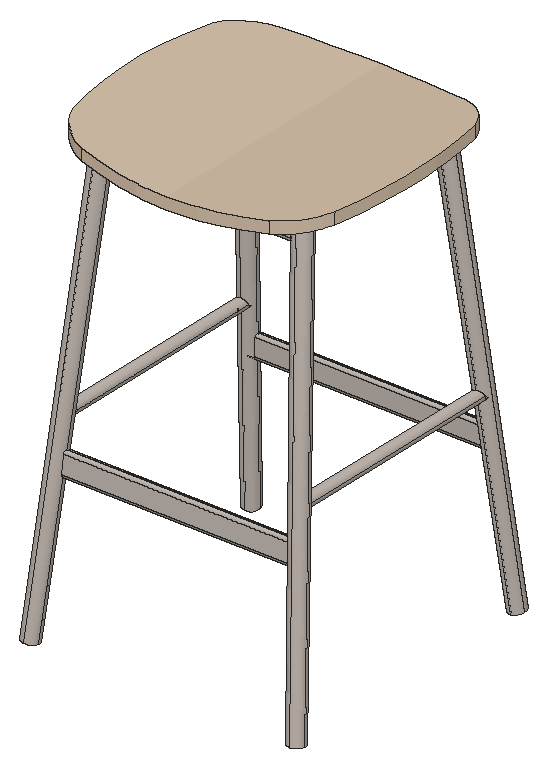
Revit family "FU_Stool_Sandler_Viki 4-15", category Furniture, Revit 2022
Family settings
  OmniClass Number = 23.40.20.00
  OmniClass Title = General Furniture and Specialties
  Work Plane-Based = No
  Always vertical = Yes
  Cut with Voids When Loaded = No
  Render Appearance Source = Family Geometry
  Shared = No
  Room Calculation Point = No
Parameters (values of type "Viki 4.15")
  Width = 490 mm
  URL = "https://www.sandlerseating.com/product/viki-4-15/"
  Seat [instance] = Wood - Stain - Natural Oak
  Model = "Viki 4.15"
  Manufacturer = "Sandler"
  Height = 770 mm
  Frame [instance] = Wood - Lacquer - Beige NCS 3005-Y50R
  Description = "Counter stool with wooden seat on a solid beech frame with stretchers. Produced to custom height per customer specification, from 23.5”-29” seat height"
  Depth = 500 mm
  Default Elevation = 0 mm
Reference planes
  plane 1 "Center (Front/Back)": y = 0
  plane 2: z = 0
  plane 3 "Center (Left/Right)": x = 0
  plane 4 "Right": x = -245
  plane 5 "Left": x = 245
  plane 6 "Back": y = 250
  plane 7 "Front": y = -250
  plane 8 "Height": z = 770
  plane 9 "Seat height": z = 750
  plane 10 "Front Legs RIGHT": through (4267.2, -234.41, 5) normal (0, -0.9937, 0.1121)
  plane 11 "Back Legs RIGHT": through (4267.2, 234.377, 5.537) normal (0, -0.9937, -0.1121)
  plane 12 "Cross Stretch RIGHT": z = 339.982
  plane 13 "Top Stretch RIGHT": z = 717.341
  plane 14 "Front Stretch RIGHT": z = 269.66
  plane 15 "Right Leg RIGHT": through (-226.609, -1524, 3.167) normal (-0.9972, 0, 0.0742)
Forms (mm)
  SweptBlend 1, solid, material "Wood - Lacquer - Beige NCS 3005-Y50R" <- "Frame"
    path origin (0, -232.021, 26.176) x (0, -0.112106, -0.993696) y (1, 0, 0)
      loop
        line (26.325, -226.713) -> (-721.583, -170.738)
    profile "Pro_Circles : 28mm" origin (-226.713, -234.972, 0.017) x (-0.997211, 0.008367, 0.074163) y (0, -0.993696, 0.112106)
      loop
        arc (-13.967, 0.067) -> (-9.943, -9.849) -> (-0.067, -13.967) r 13.901
        arc (-0.067, -13.967) -> (9.896, -9.896) -> (13.967, 0.067) r 13.901
        arc (13.967, 0.067) -> (9.849, 9.943) -> (-0.067, 13.967) r 13.9
        arc (-0.067, 13.967) -> (-9.895, 9.895) -> (-13.967, 0.067) r 13.9
    end profile "Pro_Circles : 32mm" origin (-170.738, -151.127, 743.211) x (-0.997211, 0.008367, 0.074163) y (0, -0.993696, 0.112106)
      loop
        arc (-15.967, 0.067) -> (-11.357, -11.263) -> (-0.067, -15.967) r 15.901
        arc (-0.067, -15.967) -> (11.311, -11.31) -> (15.967, 0.067) r 15.901
        arc (15.967, 0.067) -> (11.263, 11.357) -> (-0.067, 15.967) r 15.9
        arc (-0.067, 15.967) -> (-11.31, 11.31) -> (-15.967, 0.067) r 15.9
  SweptBlend 2, solid, material "Wood - Lacquer - Beige NCS 3005-Y50R" <- "Frame"
    path origin (0, -232.021, 26.176) x (0, -0.112106, -0.993696) y (-1, 0, 0)
      loop
        line (26.325, -226.713) -> (-721.583, -170.738)
    profile "Pro_Circles : 28mm" origin (226.713, -234.972, 0.017) x (-0.997211, -0.008367, -0.074163) y (0, -0.993696, 0.112106)
      loop
        arc (13.967, 0.067) -> (9.895, 9.895) -> (0.067, 13.967) r 13.9
        arc (0.067, 13.967) -> (-9.849, 9.943) -> (-13.967, 0.067) r 13.9
        arc (-13.967, 0.067) -> (-9.896, -9.896) -> (0.067, -13.967) r 13.901
        arc (0.067, -13.967) -> (9.943, -9.849) -> (13.967, 0.067) r 13.901
    end profile "Pro_Circles : 32mm" origin (170.738, -151.127, 743.211) x (-0.997211, -0.008367, -0.074163) y (0, -0.993696, 0.112106)
      loop
        arc (15.967, 0.067) -> (11.31, 11.31) -> (0.067, 15.967) r 15.9
        arc (0.067, 15.967) -> (-11.263, 11.357) -> (-15.967, 0.067) r 15.9
        arc (-15.967, 0.067) -> (-11.311, -11.31) -> (0.067, -15.967) r 15.901
        arc (0.067, -15.967) -> (11.357, -11.263) -> (15.967, 0.067) r 15.901
  SweptBlend 3, solid, material "Wood - Lacquer - Beige NCS 3005-Y50R" <- "Frame"
    path origin (0, 232.021, 26.176) x (0, 0.112106, -0.993696) y (-1, 0, 0)
      loop
        line (26.325, 226.713) -> (-721.583, 170.738)
    profile "Pro_Circles : 28mm" origin (-226.713, 234.972, 0.017) x (0.997211, 0.008367, -0.074163) y (0, 0.993696, 0.112106)
      loop
        arc (13.967, 0.067) -> (9.895, 9.895) -> (0.067, 13.967) r 13.9
        arc (0.067, 13.967) -> (-9.849, 9.943) -> (-13.967, 0.067) r 13.9
        arc (-13.967, 0.067) -> (-9.896, -9.896) -> (0.067, -13.967) r 13.901
        arc (0.067, -13.967) -> (9.943, -9.849) -> (13.967, 0.067) r 13.901
    end profile "Pro_Circles : 32mm" origin (-170.738, 151.127, 743.211) x (0.997211, 0.008367, -0.074163) y (0, 0.993696, 0.112106)
      loop
        arc (15.967, 0.067) -> (11.31, 11.31) -> (0.067, 15.967) r 15.9
        arc (0.067, 15.967) -> (-11.263, 11.357) -> (-15.967, 0.067) r 15.9
        arc (-15.967, 0.067) -> (-11.311, -11.31) -> (0.067, -15.967) r 15.901
        arc (0.067, -15.967) -> (11.357, -11.263) -> (15.967, 0.067) r 15.901
  SweptBlend 4, solid, material "Wood - Lacquer - Beige NCS 3005-Y50R" <- "Frame"
    path origin (0, 232.021, 26.176) x (0, 0.112106, -0.993696) y (-1, 0, 0)
      loop
        line (26.325, -226.713) -> (-721.583, -170.738)
    profile "Pro_Circles : 28mm" origin (226.713, 234.972, 0.017) x (0.997211, -0.008367, 0.074163) y (0, 0.993696, 0.112106)
      loop
        arc (-13.967, 0.067) -> (-9.943, -9.849) -> (-0.067, -13.967) r 13.901
        arc (-0.067, -13.967) -> (9.896, -9.896) -> (13.967, 0.067) r 13.901
        arc (13.967, 0.067) -> (9.849, 9.943) -> (-0.067, 13.967) r 13.9
        arc (-0.067, 13.967) -> (-9.895, 9.895) -> (-13.967, 0.067) r 13.9
    end profile "Pro_Circles : 32mm" origin (170.738, 151.127, 743.211) x (0.997211, -0.008367, 0.074163) y (0, 0.993696, 0.112106)
      loop
        arc (-15.967, 0.067) -> (-11.357, -11.263) -> (-0.067, -15.967) r 15.901
        arc (-0.067, -15.967) -> (11.311, -11.31) -> (15.967, 0.067) r 15.901
        arc (15.967, 0.067) -> (11.263, 11.357) -> (-0.067, 15.967) r 15.9
        arc (-0.067, 15.967) -> (-11.31, 11.31) -> (-15.967, 0.067) r 15.9
  Sweep 5, solid, material "Wood - Lacquer - Beige NCS 3005-Y50R" <- "Frame"
    path origin (0, -232.021, 26.176) x (0, -0.112106, -0.993696) y (1, 0, 0)
      loop
        line (-246.431, -206.233) -> (-246.431, 206.233)
    profile origin (0, -204.395, 271.053) x (0, 0.112106, 0.993696) y (0, -0.993696, 0.112106)
      loop
        arc (-17.326, 5.093) -> (-20.818, 3.399) -> (-22.046, -0.283) r 5
        line (-22.046, -0.283) -> (-21.891, -2.309)
        arc (-21.891, -2.309) -> (-20.205, -5.683) -> (-16.641, -6.92) r 5
        line (-16.641, -6.92) -> (14.601, -5.263)
        arc (14.601, -5.263) -> (18.104, -3.557) -> (19.319, 0.145) r 5
        line (19.319, 0.145) -> (19.151, 2.17)
        arc (19.151, 2.17) -> (17.455, 5.524) -> (13.903, 6.749) r 5
        line (13.903, 6.749) -> (-17.326, 5.093)
  Sweep 6, solid, material "Wood - Lacquer - Beige NCS 3005-Y50R" <- "Frame"
    path origin (0, 232.021, 26.176) x (0, 0.112106, -0.993696) y (-1, 0, 0)
      loop
        line (-246.431, 206.233) -> (-246.431, -206.233)
    profile origin (0, 204.395, 271.053) x (0, 0.112106, -0.993696) y (0, 0.993696, 0.112106)
      loop
        line (17.326, 5.093) -> (-13.903, 6.749)
        arc (-13.903, 6.749) -> (-17.455, 5.524) -> (-19.151, 2.17) r 5
        line (-19.151, 2.17) -> (-19.319, 0.145)
        arc (-19.319, 0.145) -> (-18.104, -3.557) -> (-14.601, -5.263) r 5
        line (-14.601, -5.263) -> (16.641, -6.92)
        arc (16.641, -6.92) -> (20.205, -5.683) -> (21.891, -2.309) r 5
        line (21.891, -2.309) -> (22.046, -0.283)
        arc (22.046, -0.283) -> (20.818, 3.399) -> (17.326, 5.093) r 5
  Extrusion 7, solid, material "Wood - Lacquer - Beige NCS 3005-Y50R" <- "Frame"
    sketch origin (0, 0, 0) x (1, 0, 0) y (0, 0, 1)
      loop
        circle (-201.56, 339.982) r 10
    from -196.541 to 196.025
  Extrusion 8, solid, material "Wood - Lacquer - Beige NCS 3005-Y50R" <- "Frame"
    sketch origin (0, 0, 0) x (-1, 0, 0) y (0, 0, -1)
      loop
        circle (-201.56, -339.982) r 10
    from -196.541 to 196.025
  Sweep 9, solid, material "Wood - Lacquer - Beige NCS 3005-Y50R" <- "Frame"
    path origin (0, 0, 717.341) x (0, -1, 0) y (1, 0, 0)
      loop
        line (-155.682, -175) -> (-155.682, 175)
    profile "Pro_Circles : 15mm" origin (0, 155.682, 717.341) x (0, 1, 0) y (0, 0, 1)
      loop
        arc (-7.467, 0.067) -> (-5.347, -5.252) -> (-0.067, -7.467) r 7.401
        arc (-0.067, -7.467) -> (5.3, -5.301) -> (7.467, 0.067) r 7.402
        arc (7.467, 0.067) -> (5.252, 5.347) -> (-0.067, 7.467) r 7.401
        arc (-0.067, 7.467) -> (-5.299, 5.299) -> (-7.467, 0.067) r 7.4
  Sweep 10, solid, material "Wood - Lacquer - Beige NCS 3005-Y50R" <- "Frame"
    path origin (0, 0, 717.341) x (0, 1, 0) y (1, 0, 0)
      loop
        line (-155.682, -175) -> (-155.682, 175)
    profile "Pro_Circles : 15mm" origin (0, -155.682, 717.341) x (0, 1, 0) y (0, 0, 1)
      loop
        arc (7.467, 0.067) -> (5.299, 5.299) -> (0.067, 7.467) r 7.4
        arc (0.067, 7.467) -> (-5.252, 5.347) -> (-7.467, 0.067) r 7.401
        arc (-7.467, 0.067) -> (-5.3, -5.301) -> (0.067, -7.467) r 7.402
        arc (0.067, -7.467) -> (5.347, -5.252) -> (7.467, 0.067) r 7.401
  Sweep 11, solid, material "Wood - Lacquer - Beige NCS 3005-Y50R" <- "Frame"
    path origin (0, 0, 717.341) x (0, -1, 0) y (1, 0, 0)
      loop
        line (155.615, 129.567) -> (-155.615, 129.567)
    profile "Pro_Circles : 15mm" origin (129.567, 0, 717.341) x (-1, 0, 0) y (0, 0, 1)
      loop
        arc (-7.467, 0.067) -> (-5.347, -5.252) -> (-0.067, -7.467) r 7.401
        arc (-0.067, -7.467) -> (5.3, -5.301) -> (7.467, 0.067) r 7.402
        arc (7.467, 0.067) -> (5.252, 5.347) -> (-0.067, 7.467) r 7.401
        arc (-0.067, 7.467) -> (-5.299, 5.299) -> (-7.467, 0.067) r 7.4
  Sweep 12, solid, material "Wood - Lacquer - Beige NCS 3005-Y50R" <- "Frame"
    path origin (0, 0, 717.341) x (0, -1, 0) y (-1, 0, 0)
      loop
        line (155.615, 129.567) -> (-155.615, 129.567)
    profile "Pro_Circles : 15mm" origin (-129.567, 0, 717.341) x (-1, 0, 0) y (0, 0, 1)
      loop
        arc (7.467, 0.067) -> (5.299, 5.299) -> (0.067, 7.467) r 7.4
        arc (0.067, 7.467) -> (-5.252, 5.347) -> (-7.467, 0.067) r 7.401
        arc (-7.467, 0.067) -> (-5.3, -5.301) -> (0.067, -7.467) r 7.402
        arc (0.067, -7.467) -> (5.347, -5.252) -> (7.467, 0.067) r 7.401
Dimensions and locks
  equal spacing: plane 4 "Right", plane 3 "Center (Left/Right)", plane 5 "Left"
  "Width": plane 4 "Right" to plane 5 "Left"
  equal spacing: plane 6 "Back", plane 1 "Center (Front/Back)", plane 7 "Front"
  "Depth": plane 6 "Back" to plane 7 "Front"
  "Height": plane 8 "Height" to level
  plane 9 "Seat height" to level = 750 mm
  aligned and locked: level to plane 2
Automatic sketch dimensions
  SweptBlend 1 sketch curve to plane 4 "Right" = 74.262 mm
  SweptBlend 1 sketch curve to plane 4 "Right" = 18.287 mm
  SweptBlend 1 sketch curve to SweptBlend 1 sketch curve = 747.908 mm
  SweptBlend 2 sketch curve to plane 5 "Left" = 74.262 mm
  SweptBlend 2 sketch curve to plane 5 "Left" = 18.287 mm
  SweptBlend 2 sketch curve to SweptBlend 2 sketch curve = 747.908 mm
  SweptBlend 3 sketch curve to plane 4 "Right" = 74.262 mm
  SweptBlend 3 sketch curve to plane 4 "Right" = 18.287 mm
  SweptBlend 3 sketch curve to SweptBlend 3 sketch curve = 747.908 mm
  plane 5 "Left" to SweptBlend 4 sketch curve = 74.262 mm
  plane 5 "Left" to SweptBlend 4 sketch curve = 18.287 mm
  SweptBlend 4 sketch curve to SweptBlend 4 sketch curve = 747.908 mm
  plane 5 "Left" to Sweep 5 sketch curve = 38.767 mm
  Sweep 5 sketch curve to plane 4 "Right" = 38.767 mm
  Sweep 5 sketch curve to plane 10 "Front Legs RIGHT" = 0.283 mm
  profile plane to Sweep 5 sketch curve = 22.046 mm
  Sweep 5 sketch curve to plane 10 "Front Legs RIGHT" = 2.309 mm
  Sweep 5 sketch curve to Sweep 5 sketch curve = 0.155 mm  (x2)
  plane 10 "Front Legs RIGHT" to Sweep 5 sketch curve = 5.093 mm
  Sweep 5 sketch curve to Sweep 5 sketch curve = 4.721 mm
  plane 10 "Front Legs RIGHT" to Sweep 5 sketch curve = 0.1 mm
  Sweep 5 sketch curve to plane 10 "Front Legs RIGHT" = 6.92 mm
  Sweep 5 sketch curve to Sweep 5 sketch curve = 0.265 mm  (x3)
  plane 10 "Front Legs RIGHT" to Sweep 5 sketch curve = 6.749 mm
  Sweep 5 sketch curve to profile plane = 13.903 mm
  plane 10 "Front Legs RIGHT" to Sweep 5 sketch curve = 1.756 mm
  Sweep 5 sketch curve to plane 10 "Front Legs RIGHT" = 0.27 mm
  Sweep 5 sketch curve to Sweep 5 sketch curve = 0.168 mm
  Sweep 5 sketch curve to plane 10 "Front Legs RIGHT" = 5.263 mm
  plane 10 "Front Legs RIGHT" to Sweep 5 sketch curve = 2.17 mm
  plane 10 "Front Legs RIGHT" to Sweep 5 sketch curve = 0.145 mm
  plane 5 "Left" to Sweep 6 sketch curve = 38.767 mm
  Sweep 6 sketch curve to plane 4 "Right" = 38.767 mm
  profile plane to Sweep 6 sketch curve = 0.145 mm
  profile plane to Sweep 6 sketch curve = 19.319 mm
  profile plane to Sweep 6 sketch curve = 2.17 mm
  Sweep 6 sketch curve to Sweep 6 sketch curve = 0.168 mm  (x2)
  Sweep 6 sketch curve to profile plane = 5.263 mm
  Sweep 6 sketch curve to Sweep 6 sketch curve = 4.718 mm
  Sweep 6 sketch curve to profile plane = 0.27 mm
  Sweep 6 sketch curve to Sweep 6 sketch curve = 0.265 mm  (x3)
  Sweep 6 sketch curve to profile plane = 6.92 mm
  Sweep 6 sketch curve to profile plane = 16.641 mm
  Sweep 6 sketch curve to profile plane = 1.927 mm
  profile plane to Sweep 6 sketch curve = 0.1 mm
  Sweep 6 sketch curve to Sweep 6 sketch curve = 0.155 mm
  profile plane to Sweep 6 sketch curve = 5.093 mm
  Sweep 6 sketch curve to profile plane = 2.309 mm
  Sweep 6 sketch curve to profile plane = 0.283 mm
  profile plane to Sweep 6 sketch curve = 1.756 mm
  Extrusion 7 sketch curve to plane 12 "Cross Stretch RIGHT" = 0 mm
  plane 15 "Right Leg RIGHT" to Extrusion 7 sketch curve = 0 mm
  Extrusion 8 sketch curve to plane 12 "Cross Stretch RIGHT" = 0 mm
  Extrusion 8 sketch curve to plane 5 "Left" = 43.44 mm
  Sweep 9 sketch curve to plane 6 "Back" = 94.318 mm
  Sweep 9 sketch curve to plane 4 "Right" = 70 mm
  plane 5 "Left" to Sweep 9 sketch curve = 70 mm
  Sweep 10 sketch curve to plane 7 "Front" = 94.318 mm
  plane 4 "Right" to Sweep 10 sketch curve = 70 mm
  Sweep 10 sketch curve to plane 5 "Left" = 70 mm
  Sweep 11 sketch curve to plane 6 "Back" = 94.385 mm
  plane 5 "Left" to Sweep 11 sketch curve = 115.433 mm
  plane 7 "Front" to Sweep 11 sketch curve = 94.385 mm
  plane 6 "Back" to Sweep 12 sketch curve = 94.385 mm
  plane 4 "Right" to Sweep 12 sketch curve = 115.433 mm
  Sweep 12 sketch curve to plane 7 "Front" = 94.385 mm
  radius of Extrusion 7 sketch curve = 10 mm
  radius of Extrusion 8 sketch curve = 10 mm
Nested families
  nested 1: "Viki Stool Seat_01" at (0, 0, 288), Seat <- "Seat", type "Type 2"
    with Seat Wood - Stain - Natural Oak
Definition of nested family "Viki Stool Seat_01"
  Parameters (values of type "Type 2")
    Width = 480 mm
    URL = ""
    Model = ""
    Manufacturer = ""
    Height = 480 mm
    Seat [instance] = none
    Description = ""
    Depth = 460 mm
    Default Elevation = 0 mm
  Reference planes
    plane 1 "Center (Front/Back)": y = 0
    plane 2: z = 0
    plane 3 "Center (Left/Right)": x = 0
    plane 4 "Right": x = -240
    plane 5 "Left": x = 240
    plane 6 "Back": y = 230
    plane 7 "Front": y = -230
    plane 8 "Height": z = 480
    plane 9 "Seat height": z = 446.985
  Forms (mm)
    Sweep 1, solid, material <- "Seat"
      path origin (0, 0, 446.985) x (-1, 0, 0) y (0, -1, 0)
        loop
          line (0, 250) -> (0, -250)
      profile origin (0, 0, 446.985) x (-1, 0, 0) y (0, 0, 1)
        loop
          line (263.434, 27.782) -> (263.434, 47.765)
          arc (263.434, 47.765) -> (0, 20.077) -> (-263.434, 47.765) r 1267.049
          line (-263.434, 47.765) -> (-263.434, 27.782)
          arc (-263.434, 27.782) -> (0, 0) -> (263.434, 27.782) r 1262.876
    Extrusion 2, void
      sketch origin (0, 0, 446.985) x (-1, 0, 0) y (0, -1, 0)
        loop
          arc (223.586, -149) -> (240, 0) -> (223.586, 149) r 684.495
          arc (223.586, 149) -> (198.632, 187.198) -> (159, 209.806) r 97.22
          arc (159, 209.806) -> (0, 230) -> (-159, 209.806) r 636.036
          arc (-159, 209.806) -> (-198.632, 187.198) -> (-223.586, 149) r 97.22
          arc (-223.586, 149) -> (-240, 0) -> (-223.586, -149) r 684.495
          arc (-223.586, -149) -> (-198.632, -187.198) -> (-159, -209.806) r 97.22
          arc (-159, -209.806) -> (0, -230) -> (159, -209.806) r 636.036
          arc (159, -209.806) -> (198.632, -187.198) -> (223.586, -149) r 97.22
        loop
          line (-270, 260) -> (-270, -260) -> (270, -260) -> (270, 260) -> (-270, 260)
      from -5 to 59.424
    Sweep 3, solid
      path origin (0, 0, 446.985) x (-1, 0, 0) y (0, -1, 0)
        loop
          line (0, 207.5) -> (0, -207.5)
      profile origin (0, 0, 446.985) x (-1, 0, 0) y (0, 0, 1)
        loop
          arc (200, 17.031) -> (0, 1.094) -> (-200, 17.031) r 1262.876
          line (-200, 17.031) -> (-200, 12.34)
          arc (-200, 12.34) -> (0, -3.597) -> (200, 12.34) r 1262.876
          line (200, 12.34) -> (200, 17.031)
    Extrusion 4, void
      sketch origin (0, 0, 446.985) x (-1, 0, 0) y (0, -1, 0)
        loop
          line (-148.12, 140.167) -> (-148.12, -125.435) -> (148.12, -125.435) -> (148.12, 140.167) -> (-148.12, 140.167)
        loop
          arc (185.414, -151.405) -> (197.276, 4.81) -> (185.414, 161.024) r 1034.523
          arc (185.414, 161.024) -> (179.314, 173.939) -> (167.138, 181.406) r 25
          arc (167.138, 181.406) -> (0, 203.294) -> (-167.138, 181.406) r 649.072
          arc (-167.138, 181.406) -> (-179.314, 173.939) -> (-185.414, 161.024) r 25
          arc (-185.414, 161.024) -> (-197.276, 4.81) -> (-185.414, -151.405) r 1034.523
          arc (-185.414, -151.405) -> (-179.314, -164.319) -> (-167.138, -171.786) r 25
          arc (-167.138, -171.786) -> (0, -193.675) -> (167.138, -171.786) r 649.072
          arc (167.138, -171.786) -> (179.314, -164.319) -> (185.414, -151.405) r 25
        loop
          line (-206.88, 214.565) -> (-206.88, -215) -> (205, -215) -> (205, 214.565) -> (-206.88, 214.565)
      from -6.36 to 21.864
  Cuts and joins
    Extrusion 2 cuts Sweep 1
    Extrusion 4 cuts Sweep 3
  Dimensions and locks
    equal spacing: plane 4 "Right", plane 3 "Center (Left/Right)", plane 5 "Left"
    "Width": plane 4 "Right" to plane 5 "Left"
    equal spacing: plane 6 "Back", plane 1 "Center (Front/Back)", plane 7 "Front"
    "Depth": plane 6 "Back" to plane 7 "Front"
    "Height": plane 8 "Height" to level
    plane 9 "Seat height" to level = 446.985 mm
    aligned and locked: level to plane 2
  Automatic sketch dimensions
    Sweep 1 sketch curve to plane 3 "Center (Left/Right)" = 0 mm
    plane 6 "Back" to Sweep 1 sketch curve = 20 mm
    Sweep 1 sketch curve to plane 7 "Front" = 20 mm
    Sweep 1 sketch curve to profile plane = 0 mm  (x2)
    plane 9 "Seat height" to Sweep 1 sketch curve = 47.765 mm  (x2)
    profile plane to Sweep 1 sketch curve = 263.434 mm
    Sweep 1 sketch curve to Sweep 1 sketch curve = 19.984 mm
    Sweep 1 sketch curve to Sweep 1 sketch curve = 1215.111 mm
    Sweep 1 sketch curve to Sweep 1 sketch curve = 24.251 mm
    plane 1 "Center (Front/Back)" to Extrusion 2 sketch curve = 0 mm  (x2)
    Extrusion 2 sketch curve to plane 3 "Center (Left/Right)" = 0 mm  (x2)
    plane 5 "Left" to Extrusion 2 sketch curve = 108.01 mm  (x2)
    Extrusion 2 sketch curve to plane 5 "Left" = 30 mm
    Extrusion 2 sketch curve to plane 5 "Left" = 204.495 mm
    Extrusion 2 sketch curve to plane 4 "Right" = 108.01 mm  (x2)
    plane 4 "Right" to Extrusion 2 sketch curve = 30 mm
    plane 4 "Right" to Extrusion 2 sketch curve = 204.495 mm
    Extrusion 2 sketch curve to plane 6 "Back" = 113.587 mm  (x2)
    plane 6 "Back" to Extrusion 2 sketch curve = 30 mm
    plane 6 "Back" to Extrusion 2 sketch curve = 176.036 mm
    plane 7 "Front" to Extrusion 2 sketch curve = 113.587 mm
    plane 1 "Center (Front/Back)" to Extrusion 2 sketch curve = 116.413 mm
    Extrusion 2 sketch curve to plane 7 "Front" = 30 mm
    Extrusion 2 sketch curve to plane 7 "Front" = 176.036 mm
    Extrusion 2 sketch curve to plane 6 "Back" = 20.194 mm  (x2)
    plane 5 "Left" to Extrusion 2 sketch curve = 81 mm
    plane 7 "Front" to Extrusion 2 sketch curve = 20.194 mm  (x2)
    Extrusion 2 sketch curve to Extrusion 2 sketch curve = 27.01 mm
    plane 5 "Left" to Extrusion 2 sketch curve = 16.414 mm
    Extrusion 2 sketch curve to plane 4 "Right" = 16.414 mm
    Sweep 3 sketch curve to plane 3 "Center (Left/Right)" = 0 mm
    Sweep 3 sketch curve to plane 6 "Back" = 22.5 mm
    plane 7 "Front" to Sweep 3 sketch curve = 22.5 mm
    Sweep 3 sketch curve to profile plane = 0 mm  (x2)
    plane 9 "Seat height" to Sweep 3 sketch curve = 17.031 mm  (x2)
    profile plane to Sweep 3 sketch curve = 200 mm
    Sweep 3 sketch curve to Sweep 3 sketch curve = 4.691 mm  (x2)
    Sweep 3 sketch curve to Sweep 3 sketch curve = 1242.248 mm
    Extrusion 4 sketch curve to plane 3 "Center (Left/Right)" = 0 mm  (x2)
    plane 5 "Left" to Extrusion 4 sketch curve = 91.88 mm
    Extrusion 4 sketch curve to Extrusion 4 sketch curve = 12.581 mm  (x4)
    Extrusion 4 sketch curve to plane 6 "Back" = 15 mm
    plane 5 "Left" to Extrusion 4 sketch curve = 33.12 mm
    plane 1 "Center (Front/Back)" to Extrusion 4 sketch curve = 4.81 mm  (x2)
    Extrusion 4 sketch curve to plane 5 "Left" = 597.247 mm
    plane 7 "Front" to Extrusion 4 sketch curve = 15.435 mm
    Extrusion 4 sketch curve to plane 4 "Right" = 35 mm
    plane 6 "Back" to Extrusion 4 sketch curve = 215.778 mm
    Extrusion 4 sketch curve to Extrusion 4 sketch curve = 67.37 mm  (x2)
    Extrusion 4 sketch curve to Extrusion 4 sketch curve = 22.194 mm
    plane 7 "Front" to Extrusion 4 sketch curve = 89.833 mm
    Extrusion 4 sketch curve to Extrusion 4 sketch curve = 17.082 mm  (x2)
    Extrusion 4 sketch curve to Extrusion 4 sketch curve = 6.438 mm  (x3)
    Extrusion 4 sketch curve to Extrusion 4 sketch curve = 0 mm  (x7)
    Extrusion 4 sketch curve to Extrusion 4 sketch curve = 24.713 mm
